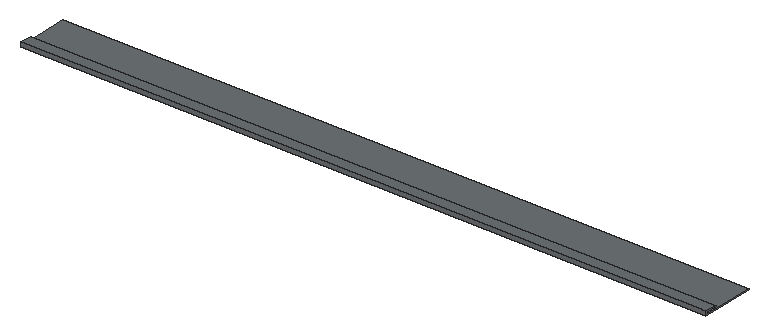
Revit family "BIMLIB_ПланкаНачальная_GRANDLINE", category Обобщенные модели, Revit 2017
Family settings
  Может служить основой для арматурных стержней = Нет
  Размер круглого соединителя = Использовать диаметр
  Тип детали = Нормальный
  При загрузке вырезать с полостями = Нет
  Общий = Нет
  Точка расчета площади = Нет
Parameters (values of type "Планка начальная")
  Смещение от плоскости [instance] = 0 mm
  Описание = ADSK_Наименование  # "Планка начальная"
  Изготовитель = "Grand Line"  # constant formula
  built-in parameter 1001306 [instance] = 500 mm
  Watermark [instance] = "Модели защищены уникальным кодом"
  URL = "https://www.grandline.ru"
  BL_Разработано = "support@bimlib.pro"
  BL_Email = "info@grandline.ru"
  BL_BIM library = "https://bimlib.pro/manufacturer/company/22430"
  ADSK_Размер_Длина [instance] = [built-in parameter 1001306]  # 500 mm
  ADSK_Обозначение = "ГОСТ 19904-90, ГОСТ 14918-80"
  ADSK_Наименование = "Планка начальная"
  ADSK_Материал тип подсчета = 1  # constant formula
  ADSK_Материал = GL_Drap_RAL7016
  ADSK_Масса_Текст [instance] = ""
  ADSK_Масса [instance] = 0
  ADSK_Марка = ""
  ADSK_Количество [instance] = if(ADSK_Материал тип подсчета = 0, 1, if(ADSK_Материал тип подсчета = 1, ADSK_Размер_Длина / 1000 mm, 0))  # 0.5
  ADSK_Код изделия = "M011.045"  # constant formula
  ADSK_Завод-изготовитель = "Grand Line"  # constant formula
  ADSK_Единица измерения = "м"  # constant formula
  ADSK_Группирование = "Доборные элементы"  # constant formula
  ADSK_Версия Revit = "2017"  # constant formula
  ADSK_URL страницы изделия = "https://www.grandline.ru/planka-nachalnaya-0-4-pe-foil-ral-1014-107011.html"
  ADSK_URL документации изделия = "https://www.grandline.ru/uploads/files/chertezhi_vse/dobornye_elementy/de_saiyding_fasad/Planka_nachalnaia.jpg"
Reference planes
  plane 1 "По центру (Вперед/Назад)": y = 0
  plane 2: z = 0
  plane 3 "Слева": x = 0
  plane 4 "Справа": x = 500
Forms (mm)
  Sweep 1, solid, material "GL_Drap_RAL7016" <- "ADSK_Материал"
    path in 3D
      loop
        line (0, 0, 0) -> (500, 0, 0)
    profile "Профиль_ПланкаНачальная : Профиль" origin (250, 0, 0) x (0, 1, 0) y (0, 0, 1)
      loop
        line (-8.866, 3.66) -> (-9.086, 0.668) -> (0, 0) -> (30.029, 0) -> (30.029, 0.8) -> (0.029, 0.8) -> (-8.229, 1.407) -> (-8.126, 2.803) -> (0.051, 2.202) -> (0.11, 3) -> (-8.866, 3.66)
Lines and regions (mm)
  reference lines
    curve 1: line (0, 0, 0) -> (500, 0, 0)
  sketch lines
    curve 2: line (0, 0, 0) -> (500, 0, 0)
Dimensions and locks
  "built-in parameter 1001306": plane 3 "Слева" to plane 4 "Справа"
  aligned and locked: plane 4 "Справа" to curve 1
  aligned and locked: plane 1 "По центру (Вперед/Назад)" to curve 1
  aligned and locked: plane 3 "Слева" to curve 1
  aligned and locked: level to plane 2
